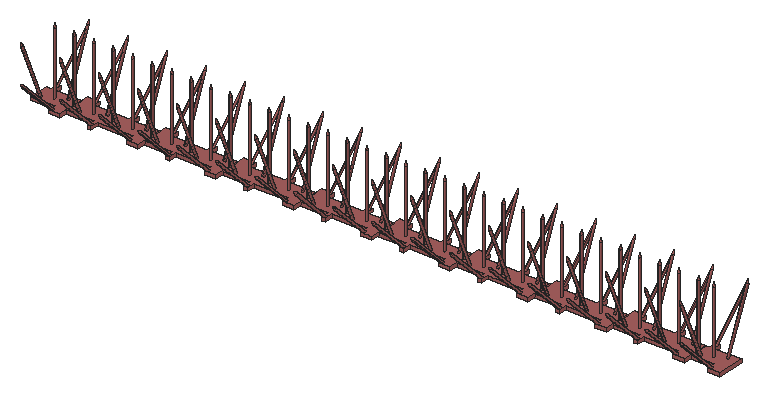
Revit family
Parameters (values of type "BirdBGone template - Line Based")
  Warranty Duration (Years) = 0
  Units [instance] = ([built-in parameter 1001306] - 0' 7") / 0' 5"  # 8
  URL = "http://www.birdbgone.com/"
  Test Data = "http://www.birdbgone.com/bird-control-product-msds"
  Specification = "http://www.arcat.com/sdspecs/htm/10290bir.htm"
  SpecWizard = ""
  Send Message = "http://www.arcat.com/users.pl?action=UserEmail&company=Bird-B-Gone,%20Inc.&coid=38371&rep=147&fax=949-472-3116&mf="
  Sales Information = "http://www.birdbgone.com/bird-control-store/"
  Revision = "R1_10-2010"
  Product Properties = "http://www.arcat.com/bim/bim_info.pl?fn=BirdBGone"
  Product Data = "http://www.arcat.com/arcatcos/cos38/arc38371.html"
  Model = "As Specified in 10 81 19"
  Material = Plastic - Bird B Gone - Polycarbonate - Brick Red
  Manufacturer Website = "http://www.birdbgone.com/"
  Manufacturer Phone - Toll Free = "800-392-6915"
  Manufacturer Phone = "949-472-3122"
  Manufacturer Fax = "949-472-3116"
  Manufacturer Address = "23918 Skyline, Mission Viejo, CA 92692"
  Manufacturer = "Bird-B-Gone, Inc."
  Maintenance Schedule (Months) = 0
  built-in parameter 1001306 [instance] = 4' - 0"
  Keynote = "10 81 19"
  Installation-Fabrication = "http://www.birdbgone.com/installation-instructions"
  Installation Phase = ""
  Green Building-LEED = "http://www.arcat.com/green/clients/leed_data_38371.html"
  Expected Lifespan (Years) = 0
  End [instance] = Units * 0' 5"  # 3' - 4"
  Drawn By = "Robert S. Weygant, CSI, CDT, SCIP"
  Description = "Bird Control Equipment as Specified in 10 81 19"
  Copyright = "2010 ARCAT, Inc."
  Construction Details = "http://www.arcat.com/details/birdbgon/birdbgon.html?coid=38371"
  Building Codes = "http://www.birdbgone.com/knowledge-center/"
  Back Row 2 = yes
  Back Row 1 = yes
  Assembly Code = "E1090900"
Reference planes (in)
  plane 1 "Center (Front/Back)": y = 0
  plane 2: z = 0
  plane 3 "Left": x = 0
  plane 4 "Right": x = 48
  plane 5: y = 0.625
  plane 6: y = -0.625
  plane 7: x = 2.25
  plane 8: x = 42.25
Lines and regions (in)
  reference lines
    curve 1: line (0, 0, 0) -> (48, 0, 0)
Dimensions and locks (in)
  "built-in parameter 1001306": plane 3 "Left" to plane 4 "Right"
  equal spacing: plane 5, curve 1, plane 6
  locked: plane 5 to plane 6 at 1.25
  equal spacing: group 1, group 2, group 3, group 4, group 5, group 6, group 7, group 8  (x3)
  locked: plane 3 "Left" to plane 7 at 2.25
  "End": plane 7 to plane 8
  aligned and locked: plane 4 "Right" to curve 1
  aligned and locked: plane 3 "Left" to curve 1
  aligned and locked: nested 10 to plane 8
Nested families (in)
  nested 1: "SpikeUnit_2000_End" at (0, 0, 0) x (0, -1, 0) z (0, 0, 1), Back Row 2 <- "Back Row 2", Back Row 1 <- "Back Row 1", Material <- "Material", type "BirdBGone template - Standalone"
    with offset 0' - 0", Unit Height 0' - 4 1/2", Material Plastic - Bird B Gone - Polycarbonate - Brick Red, End Peg yes, Back Row 2 yes, Back Row 1 yes
  nested 2: "SpikeUnit_2000" at (4.75, 0, 0) x (0, -1, 0) z (0, 0, 1), Back Row 2 <- "Back Row 2", Back Row 1 <- "Back Row 1", Material <- "Material", type "BirdBGone template - Standalone"
    with offset 0' - 0", Unit Height 0' - 4 1/2", Material Plastic - Bird B Gone - Polycarbonate - Brick Red, Back Row 2 yes, Back Row 1 yes
  nested 3: "SpikeUnit_2000" at (9.75, 0, 0) x (0, -1, 0) z (0, 0, 1), Back Row 2 <- "Back Row 2", Back Row 1 <- "Back Row 1", Material <- "Material", type "BirdBGone template - Standalone"
    with offset 0' - 0", Unit Height 0' - 4 1/2", Material Plastic - Bird B Gone - Polycarbonate - Brick Red, Back Row 2 yes, Back Row 1 yes
  nested 4: "SpikeUnit_2000" at (14.75, 0, 0) x (0, -1, 0) z (0, 0, 1), Back Row 2 <- "Back Row 2", Back Row 1 <- "Back Row 1", Material <- "Material", type "BirdBGone template - Standalone"
    with offset 0' - 0", Unit Height 0' - 4 1/2", Material Plastic - Bird B Gone - Polycarbonate - Brick Red, Back Row 2 yes, Back Row 1 yes
  nested 5: "SpikeUnit_2000" at (19.75, 0, 0) x (0, -1, 0) z (0, 0, 1), Back Row 2 <- "Back Row 2", Back Row 1 <- "Back Row 1", Material <- "Material", type "BirdBGone template - Standalone"
    with offset 0' - 0", Unit Height 0' - 4 1/2", Material Plastic - Bird B Gone - Polycarbonate - Brick Red, Back Row 2 yes, Back Row 1 yes
  nested 6: "SpikeUnit_2000" at (24.75, 0, 0) x (0, -1, 0) z (0, 0, 1), Back Row 2 <- "Back Row 2", Back Row 1 <- "Back Row 1", Material <- "Material", type "BirdBGone template - Standalone"
    with offset 0' - 0", Unit Height 0' - 4 1/2", Material Plastic - Bird B Gone - Polycarbonate - Brick Red, Back Row 2 yes, Back Row 1 yes
  nested 7: "SpikeUnit_2000" at (29.75, 0, 0) x (0, -1, 0) z (0, 0, 1), Back Row 2 <- "Back Row 2", Back Row 1 <- "Back Row 1", Material <- "Material", type "BirdBGone template - Standalone"
    with offset 0' - 0", Unit Height 0' - 4 1/2", Material Plastic - Bird B Gone - Polycarbonate - Brick Red, Back Row 2 yes, Back Row 1 yes
  nested 8: "SpikeUnit_2000" at (34.75, 0, 0) x (0, -1, 0) z (0, 0, 1), Back Row 2 <- "Back Row 2", Back Row 1 <- "Back Row 1", Material <- "Material", type "BirdBGone template - Standalone"
    with offset 0' - 0", Unit Height 0' - 4 1/2", Material Plastic - Bird B Gone - Polycarbonate - Brick Red, Back Row 2 yes, Back Row 1 yes
  nested 9: "SpikeUnit_2000" at (39.75, 0, 0) x (0, -1, 0) z (0, 0, 1), Back Row 2 <- "Back Row 2", Back Row 1 <- "Back Row 1", Material <- "Material", type "BirdBGone template - Standalone"
    with offset 0' - 0", Unit Height 0' - 4 1/2", Material Plastic - Bird B Gone - Polycarbonate - Brick Red, Back Row 2 yes, Back Row 1 yes
  nested 10: "SpikeUnit_2000_End" at (42.25, 0, 0) x (0, -1, 0) z (0, 0, 1), Back Row 2 <- "Back Row 2", Back Row 1 <- "Back Row 1", Material <- "Material", type "BirdBGone template - Standalone"
    with offset 0' - 0", Unit Height 0' - 4 1/2", Material Plastic - Bird B Gone - Polycarbonate - Brick Red, End Peg no, Back Row 2 yes, Back Row 1 yes
Definition of nested family "SpikeUnit_2000_End"
  Parameters (values of type "BirdBGone template - Standalone")
    offset [instance] = 0' - 0"
    Warranty Duration (Years) = 0
    Unit Width = 0' - 7"
    Unit Height [instance] = 0' - 4 1/2"
    Unit Depth = 0' - 0 1/4"
    URL = "http://www.birdbgone.com/"
    Test Data = "http://www.birdbgone.com/bird-control-product-msds"
    Specification = "http://www.arcat.com/sdspecs/htm/10290bir.htm"
    SpecWizard = ""
    Send Message = "http://www.arcat.com/users.pl?action=UserEmail&company=Bird-B-Gone,%20Inc.&coid=38371&rep=147&fax=949-472-3116&mf="
    Sales Information = "http://www.birdbgone.com/bird-control-store/"
    Revision = "R1_10-2010"
    Product Properties = "http://www.arcat.com/bim/bim_info.pl?fn=BirdBGone"
    Product Data = "http://www.arcat.com/arcatcos/cos38/arc38371.html"
    Model = "As Specified in 10 81 19"
    Material [instance] = none
    Manufacturer Website = "http://www.birdbgone.com/"
    Manufacturer Phone - Toll Free = "800-392-6915"
    Manufacturer Phone = "949-472-3122"
    Manufacturer Fax = "949-472-3116"
    Manufacturer Address = "23918 Skyline, Mission Viejo, CA 92692"
    Manufacturer = "Bird-B-Gone, Inc."
    Maintenance Schedule (Months) = 0
    Keynote = "10 81 19"
    Installation-Fabrication = "http://www.birdbgone.com/installation-instructions"
    Installation Phase = ""
    Green Building-LEED = "http://www.arcat.com/green/clients/leed_data_38371.html"
    Expected Lifespan (Years) = 0
    End Peg [instance] = yes
    Drawn By = "Robert S. Weygant, CSI, CDT, SCIP"
    Description = "Bird Control Equipment as Specified in 10 81 19"
    Copyright = "wt"
    Construction Details = "http://www.arcat.com/details/birdbgon/birdbgon.html?coid=38371"
    Building Codes = "http://www.birdbgone.com/knowledge-center/"
    Back Row 2 [instance] = yes
    Back Row 1 [instance] = yes
    Assembly Code = "E1090900"
  Reference planes (in)
    plane 1 "Center (Front/Back)": y = 0
    plane 2 "Bottom": z = 0
    plane 3 "Center (Left/Right)": x = 0
    plane 4 "Top": z = 4.5
    plane 5: y = 2.25
  Forms (in)
    Extrusion 1, solid, material <- "Material"
      sketch origin (0, -0.5, 0) x (0, -1, 0) y (1, 0, 0)
        loop
          line (-0.5, -0.625) -> (-0.5, 0.625) -> (-2, 0.625) -> (-2, 1.125) -> (-2.75, 1.125) -> (-2.75, -0.625) -> (-1.00192, -0.625) -> (-1.00192, -1.125) -> (-0.75, -1.125) -> (-0.75, -0.625) -> (-0.5, -0.625)
      from 0 to 0.21875
    Revolve 2, solid, material <- "Material", detail levels medium+fine
      sketch origin (0.78125, 1.625, 0) x (0.707107, 0, 0.707107) y (-0.707107, 0, 0.707107)
        loop
          line (3.875, 0) -> (0.15782, 0) -> (0.15782, -0.0625) -> (3.64088, -0.0625) -> (3.875, 0)
        axis (3.875, 0) -> (0.15782, 0)
      angle from 0 to 360
    Revolve 3, solid, material <- "Material", visible <- "Back Row 2", detail levels medium+fine
      sketch origin (-0.78125, 0.375, 0) x (-0.707107, 0, 0.707107) y (-0.707107, 0, -0.707107)
        loop
          line (3.875, 0) -> (3.64088, 0.0625) -> (0.15782, 0.0625) -> (0.15782, 0) -> (3.875, 0)
        axis (3.875, 0) -> (0.15782, 0)
      angle from 0 to 360
    Revolve 4, solid, material <- "Material", visible <- "Back Row 1", detail levels medium+fine
      sketch origin (-0.18577, 1.625, 0) x (-0.707107, 0, 0.707107) y (-0.707107, 0, -0.707107)
        loop
          line (4.10185, -1.59349) -> (3.90819, -1.44784) -> (0.24709, 0.03134) -> (0.22368, -0.02661) -> (4.10185, -1.59349)
        axis (4.10185, -1.59349) -> (0.22368, -0.02661)
      angle from 0 to 360
    Revolve 5, solid, material <- "Material", detail levels medium+fine
      sketch origin (0.18577, 0.375, 0) x (0.707107, 0, 0.707107) y (-0.707107, 0, 0.707107)
        loop
          line (4.10185, 1.59349) -> (0.22368, 0.02661) -> (0.24709, -0.03134) -> (3.90819, 1.44784) -> (4.10185, 1.59349)
        axis (4.10185, 1.59349) -> (0.22368, 0.02661)
      angle from 0 to 360
    Revolve 6, solid, material <- "Material", detail levels medium+fine
      sketch origin (-0.05912, 1, -0.04038) x (0.374607, 0, 0.927184) y (-0.927184, 0, 0.374607)
        loop
          line (4.23191, 1.64604) -> (0.26241, 0.04225) -> (0.28582, -0.01569) -> (4.03825, 1.50039) -> (4.23191, 1.64604)
        axis (4.23191, 1.64604) -> (0.26241, 0.04225)
      angle from 0 to 360
    Revolve 7, solid, material <- "Material", visible <- "End Peg", detail levels medium+fine
      sketch origin (-0.05912, 2.25, -0.04038) x (0.374607, 0, 0.927184) y (-0.927184, 0, 0.374607)
        loop
          line (4.23191, 1.64604) -> (0.26241, 0.04225) -> (0.28582, -0.01569) -> (4.03825, 1.50039) -> (4.23191, 1.64604)
        axis (4.23191, 1.64604) -> (0.26241, 0.04225)
      angle from 0 to 360
  Lines and regions (in)
    model lines, style "Bird Control", detail levels coarse
      curve 1: line (0, 1, 0.21875) -> (0, 1, 4.5)
      curve 2: line (0.34375, 0.375, 0.21875) -> (1.95937, 0.375, 4.02714)
      curve 4: line (1, 1.625, 0.21875) -> (3.5213, 1.625, 2.74005)
    model lines, style "Bird Control", visible <- "Back Row 1", detail levels coarse
      curve 3: line (-0.34375, 1.625, 0.21875) -> (-1.95937, 1.625, 4.02714)
    model lines, style "Bird Control", visible <- "Back Row 2", detail levels coarse
      curve 5: line (-1, 0.375, 0.21875) -> (-3.5213, 0.375, 2.74005)
    model lines, style "Bird Control", visible <- "End Peg", detail levels coarse
      curve 6: line (0, 2.25, 0.21875) -> (0, 2.25, 4.5)
  Dimensions and locks (in)
    "Unit Height": plane 4 "Top" to level
  Automatic sketch dimensions
    Extrusion 1 sketch curve to plane 5 = 0' - 0"
    Extrusion 1 sketch curve to plane 1 "Center (Front/Back)" = 0' - 0"
    Extrusion 1 sketch curve to Extrusion 1 sketch curve = 0' - 0 3/4"
    Extrusion 1 sketch curve to plane 1 "Center (Front/Back)" = 0' - 0.50192"
    Extrusion 1 sketch curve to plane 1 "Center (Front/Back)" = 0' - 0 1/4"
    Extrusion 1 sketch curve to plane 3 "Center (Left/Right)" = 0' - 1 1/8"
    Extrusion 1 sketch curve to Extrusion 1 sketch curve = 0' - 0 1/2"  (x2)
    Extrusion 1 sketch curve to plane 3 "Center (Left/Right)" = 0' - 0 5/8"
    plane 3 "Center (Left/Right)" to Extrusion 1 sketch curve = 0' - 0 5/8"
    Revolve 2 sketch curve to plane 3 "Center (Left/Right)" = 0' - 0.22412"
    Revolve 2 sketch curve to level = 0' - 1.00537"
    Revolve 2 sketch curve to Revolve 2 sketch curve = 0' - 1.57963"
    Revolve 2 sketch curve to Revolve 2 sketch curve = 0' - 3.48306"
    Revolve 2 sketch curve to Revolve 2 sketch curve = 0' - 0.23412"
    Revolve 2 sketch curve to Revolve 2 sketch curve = 0' - 1.2032"
    Revolve 2 sketch curve to Revolve 2 sketch curve = 0' - 0"
    Revolve 2 sketch curve to Revolve 2 sketch curve = 0' - 0 1/16"
    plane 3 "Center (Left/Right)" to Revolve 3 sketch curve = 0' - 0.22412"
    Revolve 3 sketch curve to level = 0' - 1.00537"
    Revolve 3 sketch curve to Revolve 3 sketch curve = 0' - 1.57963"
    Revolve 3 sketch curve to Revolve 3 sketch curve = 0' - 3.48306"
    Revolve 3 sketch curve to Revolve 3 sketch curve = 0' - 0.23412"
    Revolve 3 sketch curve to Revolve 3 sketch curve = 0' - 1.2032"
    Revolve 3 sketch curve to Revolve 3 sketch curve = 0' - 0"
    Revolve 3 sketch curve to Revolve 3 sketch curve = 0' - 0 1/16"
    plane 3 "Center (Left/Right)" to Revolve 4 sketch curve = 0' - 0.31984"
    Revolve 4 sketch curve to level = 0' - 1.34246"
    Revolve 4 sketch curve to Revolve 4 sketch curve = 0' - 1.53046"
    Revolve 4 sketch curve to Revolve 4 sketch curve = 0' - 0.02341"
    Revolve 4 sketch curve to Revolve 4 sketch curve = 0' - 3.6611"
    Revolve 4 sketch curve to Revolve 4 sketch curve = 0' - 0.19366"
    Revolve 4 sketch curve to Revolve 4 sketch curve = 0' - 0.61807"
    Revolve 4 sketch curve to Revolve 4 sketch curve = 0' - 0.5604"
    Revolve 4 sketch curve to Revolve 4 sketch curve = 0' - 0.05795"
    Revolve 4 sketch curve to Revolve 4 sketch curve = 0' - 0.24972"
    Revolve 5 sketch curve to plane 3 "Center (Left/Right)" = 0' - 0.31984"
    Revolve 5 sketch curve to level = 0' - 1.34246"
    Revolve 5 sketch curve to Revolve 5 sketch curve = 0' - 1.53046"
    Revolve 5 sketch curve to Revolve 5 sketch curve = 0' - 0.02341"
    Revolve 5 sketch curve to Revolve 5 sketch curve = 0' - 3.6611"
    Revolve 5 sketch curve to Revolve 5 sketch curve = 0' - 0.19366"
    Revolve 5 sketch curve to Revolve 5 sketch curve = 0' - 0.61807"
    Revolve 5 sketch curve to Revolve 5 sketch curve = 0' - 0.5604"
    Revolve 5 sketch curve to Revolve 5 sketch curve = 0' - 0.05795"
    Revolve 5 sketch curve to Revolve 5 sketch curve = 0' - 0.24972"
    Revolve 6 sketch curve to plane 3 "Center (Left/Right)" = 0' - 0"  (x4)
    Revolve 6 sketch curve to plane 4 "Top" = 0' - 0"
    Revolve 6 sketch curve to Revolve 6 sketch curve = 0' - 0.19366"
    Revolve 6 sketch curve to Revolve 6 sketch curve = 0' - 3.75243"
    Revolve 6 sketch curve to Revolve 6 sketch curve = 0' - 0.02341"
    Revolve 6 sketch curve to Revolve 6 sketch curve = 0' - 1.56919"
    Revolve 6 sketch curve to Revolve 6 sketch curve = 0' - 0.488"
    curve 1 to plane 3 "Center (Left/Right)" = 0' - 0"  (x2)
    curve 1 to plane 4 "Top" = 0' - 0"
    curve 1 to curve 1 = 0' - 3.0273"
    curve 5 to plane 4 "Top" = 0' - 1.75995"
    curve 5 to plane 3 "Center (Left/Right)" = 0' - 3.5213"
    curve 5 to curve 2 = 0' - 0.95017"
    curve 2 to curve 2 = 0' - 3.83535"
    curve 2 to curve 5 = 0' - 2.9653"
    curve 5 to curve 5 = 0' - 3.56565"
    curve 2 to curve 5 = 0' - 0.95017"
    level to curve 3 = 0' - 0 7/32"
    curve 3 to plane 3 "Center (Left/Right)" = 0' - 0 11/32"
    curve 3 to curve 4 = 0' - 0.95017"
    curve 3 to curve 3 = 0' - 1.55053"
    curve 4 to curve 4 = 0' - 3.56565"
    curve 4 to curve 3 = 0' - 0.95017"
    curve 3 to curve 3 = 0' - 3.83535"
    Revolve 7 sketch curve to plane 3 "Center (Left/Right)" = 0' - 0"  (x4)
    Revolve 7 sketch curve to plane 4 "Top" = 0' - 0"
    Revolve 7 sketch curve to Revolve 7 sketch curve = 0' - 0.19366"
    Revolve 7 sketch curve to Revolve 7 sketch curve = 0' - 3.75243"
    Revolve 7 sketch curve to Revolve 7 sketch curve = 0' - 0.02341"
    Revolve 7 sketch curve to Revolve 7 sketch curve = 0' - 1.56919"
    Revolve 7 sketch curve to Revolve 7 sketch curve = 0' - 0.488"
    curve 6 to plane 3 "Center (Left/Right)" = 0' - 0"  (x2)
    curve 6 to plane 4 "Top" = 0' - 0"
    curve 6 to curve 6 = 0' - 3.0273"
Definition of nested family "SpikeUnit_2000"
  Parameters (values of type "BirdBGone template - Standalone")
    offset [instance] = 0' - 0"
    Warranty Duration (Years) = 0
    Unit Width = 0' - 7"
    Unit Height [instance] = 0' - 4 1/2"
    Unit Depth = 0' - 0 1/4"
    URL = "http://www.birdbgone.com/"
    Test Data = "http://www.birdbgone.com/bird-control-product-msds"
    Specification = "http://www.arcat.com/sdspecs/htm/10290bir.htm"
    SpecWizard = ""
    Send Message = "http://www.arcat.com/users.pl?action=UserEmail&company=Bird-B-Gone,%20Inc.&coid=38371&rep=147&fax=949-472-3116&mf="
    Sales Information = "http://www.birdbgone.com/bird-control-store/"
    Revision = "R1_10-2010"
    Product Properties = "http://www.arcat.com/bim/bim_info.pl?fn=BirdBGone"
    Product Data = "http://www.arcat.com/arcatcos/cos38/arc38371.html"
    Model = "As Specified in 10 81 19"
    Material [instance] = none
    Manufacturer Website = "http://www.birdbgone.com/"
    Manufacturer Phone - Toll Free = "800-392-6915"
    Manufacturer Phone = "949-472-3122"
    Manufacturer Fax = "949-472-3116"
    Manufacturer Address = "23918 Skyline, Mission Viejo, CA 92692"
    Manufacturer = "Bird-B-Gone, Inc."
    Maintenance Schedule (Months) = 0
    Keynote = "10 81 19"
    Installation-Fabrication = "http://www.birdbgone.com/installation-instructions"
    Installation Phase = ""
    Green Building-LEED = "http://www.arcat.com/green/clients/leed_data_38371.html"
    Expected Lifespan (Years) = 0
    Drawn By = "Robert S. Weygant, CSI, CDT, SCIP"
    Description = "Bird Control Equipment as Specified in 10 81 19"
    Copyright = "wt"
    Construction Details = "http://www.arcat.com/details/birdbgon/birdbgon.html?coid=38371"
    Building Codes = "http://www.birdbgone.com/knowledge-center/"
    Back Row 2 [instance] = yes
    Back Row 1 [instance] = yes
    Assembly Code = "E1090900"
  Reference planes (in)
    plane 1 "Center (Front/Back)": y = 0
    plane 2 "Bottom": z = 0
    plane 3 "Center (Left/Right)": x = 0
    plane 4 "Top": z = 4.5
    plane 5: y = 2.5
    plane 6: y = -2.5
  Forms (in)
    Extrusion 1, solid, material <- "Material"
      sketch origin (0, -0.25, 0) x (0, -1, 0) y (1, 0, 0)
        loop
          line (1.5, -0.625) -> (1.5, -1.125) -> (2.25, -1.125) -> (2.25, 0.625) -> (0.5, 0.625) -> (0.5, 1.125) -> (0.24808, 1.125) -> (0.24808, 0.625) -> (-2, 0.625) -> (-2, 1.125) -> (-2.75, 1.125) -> (-2.75, -0.625) -> (-1.00192, -0.625) -> (-1.00192, -1.125) -> (-0.75, -1.125) -> (-0.75, -0.625) -> (1.5, -0.625)
      from 0 to 0.21875
    Revolve 2, solid, material <- "Material", detail levels medium+fine
      sketch origin (0.78125, 1.875, 0) x (0.707107, 0, 0.707107) y (-0.707107, 0, 0.707107)
        loop
          line (3.875, 0) -> (0.15782, 0) -> (0.15782, -0.0625) -> (3.64088, -0.0625) -> (3.875, 0)
        axis (3.875, 0) -> (0.15782, 0)
      angle from 0 to 360
    Revolve 3, solid, material <- "Material", detail levels medium+fine
      sketch origin (0.78125, -0.625, 0) x (0.707107, 0, 0.707107) y (-0.707107, 0, 0.707107)
        loop
          line (3.875, 0) -> (0.15782, 0) -> (0.15782, -0.0625) -> (3.64088, -0.0625) -> (3.875, 0)
        axis (3.875, 0) -> (0.15782, 0)
      angle from 0 to 360
    Revolve 4, solid, material <- "Material", visible <- "Back Row 2", detail levels medium+fine
      sketch origin (-0.78125, 0.625, 0) x (-0.707107, 0, 0.707107) y (-0.707107, 0, -0.707107)
        loop
          line (3.875, 0) -> (3.64088, 0.0625) -> (0.15782, 0.0625) -> (0.15782, 0) -> (3.875, 0)
        axis (3.875, 0) -> (0.15782, 0)
      angle from 0 to 360
    Revolve 5, solid, material <- "Material", visible <- "Back Row 2", detail levels medium+fine
      sketch origin (-0.78125, -1.875, 0) x (-0.707107, 0, 0.707107) y (-0.707107, 0, -0.707107)
        loop
          line (3.875, 0) -> (3.64088, 0.0625) -> (0.15782, 0.0625) -> (0.15782, 0) -> (3.875, 0)
        axis (3.875, 0) -> (0.15782, 0)
      angle from 0 to 360
    Revolve 6, solid, material <- "Material", visible <- "Back Row 1", detail levels medium+fine
      sketch origin (-0.18577, 1.875, 0) x (-0.707107, 0, 0.707107) y (-0.707107, 0, -0.707107)
        loop
          line (4.10185, -1.59349) -> (3.90819, -1.44784) -> (0.24709, 0.03134) -> (0.22368, -0.02661) -> (4.10185, -1.59349)
        axis (4.10185, -1.59349) -> (0.22368, -0.02661)
      angle from 0 to 360
    Revolve 7, solid, material <- "Material", visible <- "Back Row 1", detail levels medium+fine
      sketch origin (-0.18577, -0.625, 0) x (-0.707107, 0, 0.707107) y (-0.707107, 0, -0.707107)
        loop
          line (4.10185, -1.59349) -> (3.90819, -1.44784) -> (0.24709, 0.03134) -> (0.22368, -0.02661) -> (4.10185, -1.59349)
        axis (4.10185, -1.59349) -> (0.22368, -0.02661)
      angle from 0 to 360
    Revolve 8, solid, material <- "Material", detail levels medium+fine
      sketch origin (0.18577, 0.625, 0) x (0.707107, 0, 0.707107) y (-0.707107, 0, 0.707107)
        loop
          line (4.10185, 1.59349) -> (0.22368, 0.02661) -> (0.24709, -0.03134) -> (3.90819, 1.44784) -> (4.10185, 1.59349)
        axis (4.10185, 1.59349) -> (0.22368, 0.02661)
      angle from 0 to 360
    Revolve 9, solid, material <- "Material", detail levels medium+fine
      sketch origin (0.18577, -1.875, 0) x (0.707107, 0, 0.707107) y (-0.707107, 0, 0.707107)
        loop
          line (4.10185, 1.59349) -> (0.22368, 0.02661) -> (0.24709, -0.03134) -> (3.90819, 1.44784) -> (4.10185, 1.59349)
        axis (4.10185, 1.59349) -> (0.22368, 0.02661)
      angle from 0 to 360
    Revolve 10, solid, material <- "Material", detail levels medium+fine
      sketch origin (-0.05912, -1.25, -0.04038) x (0.374607, 0, 0.927184) y (-0.927184, 0, 0.374607)
        loop
          line (4.23191, 1.64604) -> (0.26241, 0.04225) -> (0.28582, -0.01569) -> (4.03825, 1.50039) -> (4.23191, 1.64604)
        axis (4.23191, 1.64604) -> (0.26241, 0.04225)
      angle from 0 to 360
    Revolve 11, solid, material <- "Material", detail levels medium+fine
      sketch origin (-0.05912, 1.25, -0.04038) x (0.374607, 0, 0.927184) y (-0.927184, 0, 0.374607)
        loop
          line (4.23191, 1.64604) -> (0.26241, 0.04225) -> (0.28582, -0.01569) -> (4.03825, 1.50039) -> (4.23191, 1.64604)
        axis (4.23191, 1.64604) -> (0.26241, 0.04225)
      angle from 0 to 360
    Revolve 12, solid, material <- "Material", detail levels medium+fine
      sketch origin (-0.05912, 0, -0.04038) x (0.374607, 0, 0.927184) y (-0.927184, 0, 0.374607)
        loop
          line (4.23191, 1.64604) -> (0.26241, 0.04225) -> (0.28582, -0.01569) -> (4.03825, 1.50039) -> (4.23191, 1.64604)
        axis (4.23191, 1.64604) -> (0.26241, 0.04225)
      angle from 0 to 360
    Revolve 13, solid, material <- "Material", detail levels medium+fine
      sketch origin (-0.05912, 2.5, -0.04038) x (0.374607, 0, 0.927184) y (-0.927184, 0, 0.374607)
        loop
          line (4.23191, 1.64604) -> (0.26241, 0.04225) -> (0.28582, -0.01569) -> (4.03825, 1.50039) -> (4.23191, 1.64604)
        axis (4.23191, 1.64604) -> (0.26241, 0.04225)
      angle from 0 to 360
  Lines and regions (in)
    model lines, style "Bird Control", detail levels coarse
      curve 1: line (0, 0, 0.21875) -> (0, 0, 4.5)
      curve 2: line (0, -1.25, 0.21875) -> (0, -1.25, 4.5)
      curve 3: line (0, 1.25, 0.21875) -> (0, 1.25, 4.5)
      curve 4: line (0.34375, -1.875, 0.21875) -> (1.95937, -1.875, 4.02714)
      curve 5: line (0.34375, 0.625, 0.21875) -> (1.95937, 0.625, 4.02714)
      curve 8: line (1, -0.625, 0.21875) -> (3.5213, -0.625, 2.74005)
      curve 9: line (1, 1.875, 0.21875) -> (3.5213, 1.875, 2.74005)
      curve 12: line (0, 2.5, 0.21875) -> (0, 2.5, 4.5)
    model lines, style "Bird Control", visible <- "Back Row 1", detail levels coarse
      curve 6: line (-0.34375, -0.625, 0.21875) -> (-1.95937, -0.625, 4.02714)
      curve 7: line (-0.34375, 1.875, 0.21875) -> (-1.95937, 1.875, 4.02714)
    model lines, style "Bird Control", visible <- "Back Row 2", detail levels coarse
      curve 10: line (-1, -1.875, 0.21875) -> (-3.5213, -1.875, 2.74005)
      curve 11: line (-1, 0.625, 0.21875) -> (-3.5213, 0.625, 2.74005)
  Dimensions and locks (in)
    "Unit Height": plane 4 "Top" to level
  Automatic sketch dimensions
    curve 1 to plane 3 "Center (Left/Right)" = 0' - 0"  (x2)
    curve 1 to plane 4 "Top" = 0' - 0"
    curve 1 to curve 1 = 0' - 3.0273"
    Extrusion 1 sketch curve to plane 5 = 0' - 0"
    Extrusion 1 sketch curve to plane 6 = 0' - 0"
    Extrusion 1 sketch curve to Extrusion 1 sketch curve = 0' - 0 3/4"
    Extrusion 1 sketch curve to plane 1 "Center (Front/Back)" = 0' - 0.75192"
    Extrusion 1 sketch curve to Extrusion 1 sketch curve = 0' - 0.25192"  (x2)
    plane 1 "Center (Front/Back)" to Extrusion 1 sketch curve = 0' - 0.49808"
    plane 6 to Extrusion 1 sketch curve = 0' - 0 3/4"
    Extrusion 1 sketch curve to plane 3 "Center (Left/Right)" = 0' - 1 1/8"  (x2)
    Extrusion 1 sketch curve to Extrusion 1 sketch curve = 0' - 0 1/2"  (x3)
    Extrusion 1 sketch curve to Extrusion 1 sketch curve = 0' - 0"
    plane 3 "Center (Left/Right)" to Extrusion 1 sketch curve = 0' - 0 5/8"  (x2)
    Revolve 2 sketch curve to plane 3 "Center (Left/Right)" = 0' - 0.22412"
    Revolve 2 sketch curve to level = 0' - 1.00537"
    Revolve 2 sketch curve to Revolve 2 sketch curve = 0' - 1.57963"
    Revolve 2 sketch curve to Revolve 2 sketch curve = 0' - 3.48306"
    Revolve 2 sketch curve to Revolve 2 sketch curve = 0' - 0.23412"
    Revolve 2 sketch curve to Revolve 2 sketch curve = 0' - 1.2032"
    Revolve 2 sketch curve to Revolve 2 sketch curve = 0' - 0"
    Revolve 2 sketch curve to Revolve 2 sketch curve = 0' - 0 1/16"
    Revolve 3 sketch curve to plane 3 "Center (Left/Right)" = 0' - 0.22412"
    Revolve 3 sketch curve to level = 0' - 1.00537"
    Revolve 3 sketch curve to Revolve 3 sketch curve = 0' - 1.57963"
    Revolve 3 sketch curve to Revolve 3 sketch curve = 0' - 3.48306"
    Revolve 3 sketch curve to Revolve 3 sketch curve = 0' - 0.23412"
    Revolve 3 sketch curve to Revolve 3 sketch curve = 0' - 1.2032"
    Revolve 3 sketch curve to Revolve 3 sketch curve = 0' - 0"
    Revolve 3 sketch curve to Revolve 3 sketch curve = 0' - 0 1/16"
    plane 3 "Center (Left/Right)" to Revolve 4 sketch curve = 0' - 0.22412"
    Revolve 4 sketch curve to level = 0' - 1.00537"
    Revolve 4 sketch curve to Revolve 4 sketch curve = 0' - 1.57963"
    Revolve 4 sketch curve to Revolve 4 sketch curve = 0' - 3.48306"
    Revolve 4 sketch curve to Revolve 4 sketch curve = 0' - 0.23412"
    Revolve 4 sketch curve to Revolve 4 sketch curve = 0' - 1.2032"
    Revolve 4 sketch curve to Revolve 4 sketch curve = 0' - 0"
    Revolve 4 sketch curve to Revolve 4 sketch curve = 0' - 0 1/16"
    plane 3 "Center (Left/Right)" to Revolve 5 sketch curve = 0' - 0.22412"
    Revolve 5 sketch curve to level = 0' - 1.00537"
    Revolve 5 sketch curve to Revolve 5 sketch curve = 0' - 1.57963"
    Revolve 5 sketch curve to Revolve 5 sketch curve = 0' - 3.48306"
    Revolve 5 sketch curve to Revolve 5 sketch curve = 0' - 0.23412"
    Revolve 5 sketch curve to Revolve 5 sketch curve = 0' - 1.2032"
    Revolve 5 sketch curve to Revolve 5 sketch curve = 0' - 0"
    Revolve 5 sketch curve to Revolve 5 sketch curve = 0' - 0 1/16"
    plane 3 "Center (Left/Right)" to Revolve 6 sketch curve = 0' - 0.31984"
    Revolve 6 sketch curve to level = 0' - 1.34246"
    Revolve 6 sketch curve to Revolve 6 sketch curve = 0' - 1.53046"
    Revolve 6 sketch curve to Revolve 6 sketch curve = 0' - 0.02341"
    Revolve 6 sketch curve to Revolve 6 sketch curve = 0' - 3.6611"
    Revolve 6 sketch curve to Revolve 6 sketch curve = 0' - 0.19366"
    Revolve 6 sketch curve to Revolve 6 sketch curve = 0' - 0.61807"
    Revolve 6 sketch curve to Revolve 6 sketch curve = 0' - 0.5604"
    Revolve 6 sketch curve to Revolve 6 sketch curve = 0' - 0.05795"
    Revolve 6 sketch curve to Revolve 6 sketch curve = 0' - 0.24972"
    plane 3 "Center (Left/Right)" to Revolve 7 sketch curve = 0' - 0.31984"
    Revolve 7 sketch curve to level = 0' - 1.34246"
    Revolve 7 sketch curve to Revolve 7 sketch curve = 0' - 1.53046"
    Revolve 7 sketch curve to Revolve 7 sketch curve = 0' - 0.02341"
    Revolve 7 sketch curve to Revolve 7 sketch curve = 0' - 3.6611"
    Revolve 7 sketch curve to Revolve 7 sketch curve = 0' - 0.19366"
    Revolve 7 sketch curve to Revolve 7 sketch curve = 0' - 0.61807"
    Revolve 7 sketch curve to Revolve 7 sketch curve = 0' - 0.5604"
    Revolve 7 sketch curve to Revolve 7 sketch curve = 0' - 0.05795"
    Revolve 7 sketch curve to Revolve 7 sketch curve = 0' - 0.24972"
    Revolve 8 sketch curve to plane 3 "Center (Left/Right)" = 0' - 0.31984"
    Revolve 8 sketch curve to level = 0' - 1.34246"
    Revolve 8 sketch curve to Revolve 8 sketch curve = 0' - 1.53046"
    Revolve 8 sketch curve to Revolve 8 sketch curve = 0' - 0.02341"
    Revolve 8 sketch curve to Revolve 8 sketch curve = 0' - 3.6611"
    Revolve 8 sketch curve to Revolve 8 sketch curve = 0' - 0.19366"
    Revolve 8 sketch curve to Revolve 8 sketch curve = 0' - 0.61807"
    Revolve 8 sketch curve to Revolve 8 sketch curve = 0' - 0.5604"
    Revolve 8 sketch curve to Revolve 8 sketch curve = 0' - 0.05795"
    Revolve 8 sketch curve to Revolve 8 sketch curve = 0' - 0.24972"
    Revolve 9 sketch curve to plane 3 "Center (Left/Right)" = 0' - 0.31984"
    Revolve 9 sketch curve to level = 0' - 1.34246"
    Revolve 9 sketch curve to Revolve 9 sketch curve = 0' - 1.53046"
    Revolve 9 sketch curve to Revolve 9 sketch curve = 0' - 0.02341"
    Revolve 9 sketch curve to Revolve 9 sketch curve = 0' - 3.6611"
    Revolve 9 sketch curve to Revolve 9 sketch curve = 0' - 0.19366"
    Revolve 9 sketch curve to Revolve 9 sketch curve = 0' - 0.61807"
    Revolve 9 sketch curve to Revolve 9 sketch curve = 0' - 0.5604"
    Revolve 9 sketch curve to Revolve 9 sketch curve = 0' - 0.05795"
    Revolve 9 sketch curve to Revolve 9 sketch curve = 0' - 0.24972"
    Revolve 10 sketch curve to plane 3 "Center (Left/Right)" = 0' - 0"  (x4)
    Revolve 10 sketch curve to plane 4 "Top" = 0' - 0"
    Revolve 10 sketch curve to Revolve 10 sketch curve = 0' - 0.19366"
    Revolve 10 sketch curve to Revolve 10 sketch curve = 0' - 3.75243"
    Revolve 10 sketch curve to Revolve 10 sketch curve = 0' - 0.02341"
    Revolve 10 sketch curve to Revolve 10 sketch curve = 0' - 1.56919"
    Revolve 10 sketch curve to Revolve 10 sketch curve = 0' - 0.488"
    Revolve 11 sketch curve to plane 3 "Center (Left/Right)" = 0' - 0"  (x4)
    Revolve 11 sketch curve to plane 4 "Top" = 0' - 0"
    Revolve 11 sketch curve to Revolve 11 sketch curve = 0' - 0.19366"
    Revolve 11 sketch curve to Revolve 11 sketch curve = 0' - 3.75243"
    Revolve 11 sketch curve to Revolve 11 sketch curve = 0' - 0.02341"
    Revolve 11 sketch curve to Revolve 11 sketch curve = 0' - 1.56919"
    Revolve 11 sketch curve to Revolve 11 sketch curve = 0' - 0.488"
    Revolve 12 sketch curve to plane 3 "Center (Left/Right)" = 0' - 0"  (x4)
    Revolve 12 sketch curve to plane 4 "Top" = 0' - 0"
    Revolve 12 sketch curve to Revolve 12 sketch curve = 0' - 0.19366"
    Revolve 12 sketch curve to Revolve 12 sketch curve = 0' - 3.75243"
    Revolve 12 sketch curve to Revolve 12 sketch curve = 0' - 0.02341"
    Revolve 12 sketch curve to Revolve 12 sketch curve = 0' - 1.56919"
    Revolve 12 sketch curve to Revolve 12 sketch curve = 0' - 0.488"
    curve 2 to plane 3 "Center (Left/Right)" = 0' - 0"  (x2)
    curve 2 to plane 4 "Top" = 0' - 0"
    curve 2 to curve 2 = 0' - 3.0273"
    curve 3 to plane 3 "Center (Left/Right)" = 0' - 0"  (x2)
    curve 3 to plane 4 "Top" = 0' - 0"
    curve 3 to curve 3 = 0' - 3.0273"
    level to curve 6 = 0' - 0 7/32"
    curve 6 to plane 3 "Center (Left/Right)" = 0' - 0 11/32"
    curve 6 to curve 8 = 0' - 0.95017"
    curve 6 to curve 6 = 0' - 1.55053"
    curve 8 to curve 8 = 0' - 3.56565"
    curve 8 to curve 6 = 0' - 0.95017"
    curve 6 to curve 6 = 0' - 3.83535"
    curve 10 to plane 4 "Top" = 0' - 1.75995"
    curve 10 to plane 3 "Center (Left/Right)" = 0' - 3.5213"
    curve 10 to curve 4 = 0' - 0.95017"
    curve 4 to curve 4 = 0' - 3.83535"
    curve 4 to curve 10 = 0' - 2.9653"
    curve 10 to curve 10 = 0' - 3.56565"
    curve 4 to curve 10 = 0' - 0.95017"
    curve 11 to plane 4 "Top" = 0' - 1.75995"
    curve 11 to plane 3 "Center (Left/Right)" = 0' - 3.5213"
    curve 11 to curve 5 = 0' - 0.95017"
    curve 5 to curve 5 = 0' - 3.83535"
    curve 5 to curve 11 = 0' - 2.9653"
    curve 11 to curve 11 = 0' - 3.56565"
    curve 5 to curve 11 = 0' - 0.95017"
    level to curve 7 = 0' - 0 7/32"
    curve 7 to plane 3 "Center (Left/Right)" = 0' - 0 11/32"
    curve 7 to curve 9 = 0' - 0.95017"
    curve 7 to curve 7 = 0' - 1.55053"
    curve 9 to curve 9 = 0' - 3.56565"
    curve 9 to curve 7 = 0' - 0.95017"
    curve 7 to curve 7 = 0' - 3.83535"
    curve 12 to plane 3 "Center (Left/Right)" = 0' - 0"  (x2)
    curve 12 to plane 4 "Top" = 0' - 0"
    curve 12 to curve 12 = 0' - 3.0273"
    Revolve 13 sketch curve to plane 3 "Center (Left/Right)" = 0' - 0"  (x4)
    Revolve 13 sketch curve to plane 4 "Top" = 0' - 0"
    Revolve 13 sketch curve to Revolve 13 sketch curve = 0' - 0.19366"
    Revolve 13 sketch curve to Revolve 13 sketch curve = 0' - 3.75243"
    Revolve 13 sketch curve to Revolve 13 sketch curve = 0' - 0.02341"
    Revolve 13 sketch curve to Revolve 13 sketch curve = 0' - 1.56919"
    Revolve 13 sketch curve to Revolve 13 sketch curve = 0' - 0.488"
